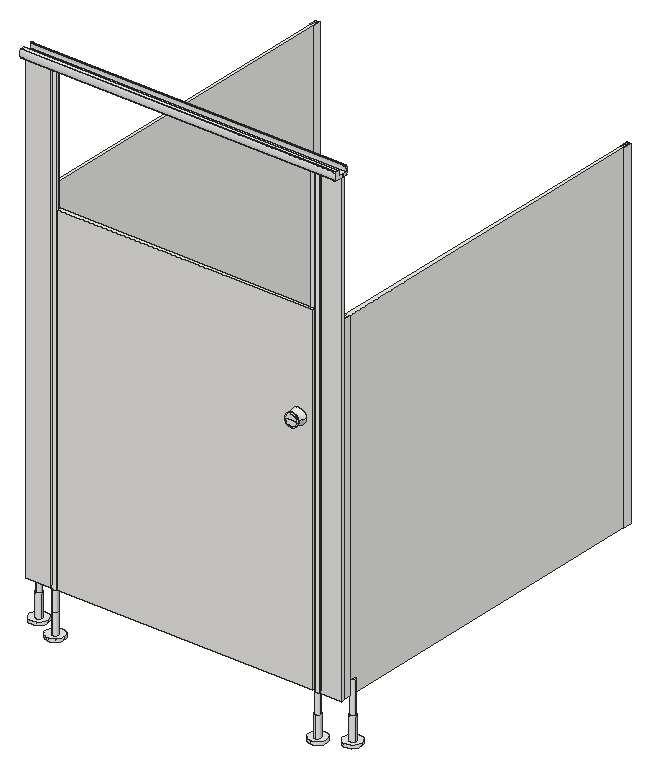
Revit family "Alsanit - Kabiny sanitarne AQUARI PRZEDSZKOLNE - HPL", category Doors, Revit 2020
Family settings
  Work Plane-Based = No
  Always vertical = Yes
  Cut with Voids When Loaded = No
  Shared = No
  Room Calculation Point = No
Parameters (values of type "12mm")
  Width = 0.00 mm  # constant formula
  Type Comments = "Kabiny sanitarne (ścianki giszetowe do WC)"
  Thickness = Grubość ścianki  # 12.00 mm
  Szerokość wewnętrzna modułu (min. 1000) [instance] = 1200.00 mm
  Szerokość wewnętrzna modułu [instance] = [Szerokość wewnętrzna modułu (min. 1000)]  # 1200.00 mm
  Szerokość drzwi (max. 1000 mm) [instance] = 1000.00 mm
  Szczelina obok drzwi prawa [instance] = if([Orientacja - odbij lustrzanie], Szczelina Prawa 1, Szczelina Prawa 2)  # 26.00 mm
  Szczelina obok drzwi lewa [instance] = if([Orientacja - odbij lustrzanie], Szczelina lewa 1, Szczelina lewa 2)  # 23.00 mm
  Rough Width = 0.00 mm  # constant formula
  Rough Height = 0.00 mm  # constant formula
  Podcięcie na geberit - prawe [instance] = no
  Podcięcie na geberit - prawa wartość [instance] = if([Podcięcie na geberit - prawe], [Szerokość wewnętrzna modułu (min. 1000)] / 2 + 50.00 mm, 5.00 mm)  # 5.00 mm
  Podcięcie na geberit - odsunięcie poziome wartość [instance] = if([Podcięcie na geberit - odsunięcie poziome] = 0.00 mm, 5.00 mm, [Podcięcie na geberit - odsunięcie poziome])  # 5.00 mm
  Podcięcie na geberit - odsunięcie poziome [instance] = 0.00 mm
  Podcięcie na geberit - odsunięcie pionowe wartość [instance] = if([Podcięcie na geberit - odsunięcie pionowe] = 0.00 mm, 5.00 mm, [Podcięcie na geberit - odsunięcie pionowe])  # 5.00 mm
  Podcięcie na geberit - odsunięcie pionowe [instance] = 0.00 mm
  Podcięcie na geberit - lewe [instance] = no
  Podcięcie na geberit - lewa wartość [instance] = if([Podcięcie na geberit - lewe], [Szerokość wewnętrzna modułu (min. 1000)] / 2 + 50.00 mm, 5.00 mm)  # 5.00 mm
  Odsunięcie ścianki lewe kontrola [instance] = 91.00 mm  # constant formula
  Odległość nóżki prawa [instance] = Szczelina obok drzwi prawa / 2  # 13.00 mm
  Odległość nóżki lewa [instance] = Szczelina obok drzwi lewa / 2  # 11.50 mm
  Nóżka grubość 2 [instance] = 24.00 mm  # constant formula
  Nózka grubość stopka [instance] = 70.00 mm  # constant formula
  Nożka grubość 1 [instance] = 20.00 mm  # constant formula
  Noga prawa widoczność [instance] = ([Połączenie - prawa strona] = Prawa strona zamknięta typ)  # yes
  Noga lewa widoczność [instance] = [Połączenie - lewa strona] = Lewa strona zamknięta typ  # yes
  Krótki opis = "Kabiny sanitarne ALSANIT posiadające oznaczenie CE zgodnie z parametrami systemu"
  Height = 0.00 mm  # constant formula
  Function = Interior
  Film Instruktażowy = "https://youtu.be/qyrI1CfgFO4"
  Define Thermal Properties by = Schematic Type
  Construction Type = "Kabiny sanitarne"
  Szczelina Prawa 2 = 26.00 mm  # constant formula
  Szczelina Prawa 1 = 23.00 mm  # constant formula
  Analytic Construction = "<None>"
  Akcesoria - wzmocnienie pionowe prawe [instance] = [Odsunięcie prawej ścianki od osi (min. 60 mm)] > 399.00 mm  # no
  Akcesoria - wzmocnienie pionowe lewe [instance] = ([Szerokość wewnętrzna modułu (min. 1000)] - [Szerokość drzwi (max. 1000 mm)] - [Odsunięcie prawej ścianki od osi (min. 60 mm)]) > 400.00 mm  # no
  Wysokość ścianki łączącej [instance] = 1500.00 mm  # constant formula
  Szerokość zewnętrzna modułu [instance] = 1230.00 mm
  Szerokość obliczona [instance] = if(and(Lewa strona przy ścianie, Prawa strona przy ścianie), [Szerokość wewnętrzna modułu (min. 1000)] - 2 * (Grubość ścianki + 7.00 mm), if(or(Lewa strona przy ścianie, Prawa strona przy ścianie), [Szerokość wewnętrzna modułu (min. 1000)] - Grubość ścianki - 7.00 mm, [Szerokość wewnętrzna modułu (min. 1000)]))  # 1200.00 mm
  Wysokość modułu [instance] = 2030.00 mm  # constant formula
  URL = "https://www.alsanit.pl/"
  Rodzaj płyt = "HPL - Wysokociśnieniowy laminat kompaktowy"
  Prawe odsunięcie belki dolnej [instance] = if(Prawa strona przy ścianie, 30.00 mm, 0.00 mm)  # 0.00 mm
  Prawa strona niepołączona [instance] = not(Prawa strona połączona)  # yes
  Model = "AQUARI"
  Manufacturer = "Alsanit"
  Lewe odsunięcie belki dolnej [instance] = if(Lewa strona przy ścianie, 30.00 mm, 0.00 mm)  # 0.00 mm
  Lewa strona niepołączona [instance] = not(Lewa strona połączona)  # yes
  Głębokość modułu (min. 1150mm - max. 1500 mm) [instance] = 1400.00 mm
  Głębokość modułu [instance] = if([Głębokość modułu (min. 1150mm - max. 1500 mm)] > 1500.00 mm, 1600.00 mm, [Głębokość modułu (min. 1150mm - max. 1500 mm)])  # 1400.00 mm
  Description = "Kabiny sanitarne to idealna kombinacja trwałości i estetyki w najnowszej cenie. Ze względu na estetyczność zastosowań jest najchętniej kupowanym systemem kabin sanitarnych w Polsce."
  Autor = "www.archispace.pl"
  Orientacja - na zewnątrz [instance] = not([Orientacja - do wewnątrz])  # yes
  Orientacja - do wewnątrz [instance] = no
  Ścianka łącząca [instance] = not(Prawa strona przy ścianie)  # yes
  Szerokość drzwi [instance] = if([Szerokość drzwi (max. 1000 mm)] > 1000.00 mm, 1000.00 mm, [Szerokość drzwi (max. 1000 mm)])  # 1000.00 mm
  Prawe odsunięcie osi [instance] = if(Prawa strona zamknięta, Grubość ścianki / 2 + 3.00 mm, if(Prawa strona przy ścianie, Grubość ścianki / 2 + 7.00 mm, 0.00 mm))  # 9.00 mm
  Prawa strona zamknięta typ = Rodzaj połączenia : Zamknięta
  Prawa strona zamknięta [instance] = [Połączenie - prawa strona] = Prawa strona zamknięta typ  # yes
  Prawa strona przy ścianie typ = Rodzaj połączenia : Przy ścianie
  Prawa strona przy ścianie [instance] = [Połączenie - prawa strona] = Prawa strona przy ścianie typ  # no
  Prawa strona połączona typ = Rodzaj połączenia : Połączona
  Prawa strona połączona [instance] = [Połączenie - prawa strona] = Prawa strona połączona typ  # no
  Prawe odsunięcie osi panelu [instance] = if(Prawa strona przy ścianie, 10.00 mm, 0.00 mm)  # 0.00 mm
  Odsunięcie prawej ścianki od osi (min. 60 mm) [instance] = 101.00 mm
  Połączenie - prawa strona [instance] = Rodzaj połączenia : Zamknięta
  Orientacja - odbij lustrzanie [instance] = no
  Materiał płyt = Alsanit - HPL - Biały 9016
  Materiał okuć = Alsanit - Aluminium
  Materiał wsporników = Alsanit - Aluminium
  Materiał belek = Alsanit - Aluminium
  Lewe odsunięcie osi panelu [instance] = if(Lewa strona przy ścianie, 10.00 mm, 0.00 mm)  # 0.00 mm
  Lewe odsunięcie osi [instance] = if(Lewa strona zamknięta, Grubość ścianki / 2 + 3.00 mm, if(Lewa strona przy ścianie, Grubość ścianki / 2 + 7.00 mm, 0.00 mm))  # 9.00 mm
  Lewa strona zamknięta typ = Rodzaj połączenia : Zamknięta
  Lewa strona zamknięta [instance] = [Połączenie - lewa strona] = Lewa strona zamknięta typ  # yes
  Lewa strona przy ścianie typ = Rodzaj połączenia : Przy ścianie
  Lewa strona przy ścianie [instance] = [Połączenie - lewa strona] = Lewa strona przy ścianie typ  # no
  Lewa strona połączona typ = Rodzaj połączenia : Połączona
  Lewa strona połączona [instance] = [Połączenie - lewa strona] = Lewa strona połączona typ  # no
  Odsunięcie lewej ścianki od osi (min. 60 mm) [instance] = 111.00 mm
  Połączenie - lewa strona [instance] = Rodzaj połączenia : Zamknięta
  Grubość ścianki = 12.00 mm
  Default Elevation = 0.00 mm
  Orientacja - bez odbicia [instance] = not([Orientacja - odbij lustrzanie])  # yes
  Szczelina lewa 2 = 23.00 mm  # constant formula
  Szczelina lewa 1 = 26.00 mm  # constant formula
Reference planes
  plane 1 "Center (Front/Back)": y = 0
  plane 2: z = 0
  plane 3 "Center (Left/Right)": x = 0
  plane 4: x = -600
  plane 5: x = 600
  plane 6: x = 606
  plane 7: x = 612
  plane 8: x = -606
  plane 9: x = -612
  plane 10: y = -1400
  plane 11: y = -1412
  plane 12: y = -10
  plane 13: y = -1394
  plane 14: y = -1406
  plane 15 "Lewa oś wstawienia": x = -615
  plane 16 "Prawa oś wstawienia": x = 615
  plane 17: y = -1334.5
  plane 18: x = 531
  plane 19: x = 505
  plane 20: x = -495
  plane 21: x = -518
  plane 22 "Prawe odsunięcie osi panelu": x = 615
  plane 23 "Lewe odsunięcie osi panelu": x = -615
  plane 24: x = 5
  plane 25: z = 170
  plane 26 "Wysokość modułu": z = 2030
  plane 27 "Odsunięcie górne ścianek frontowych": z = 2010
  plane 28: y = -1398.5
  plane 29: x = -615
  plane 30: x = 615
  plane 31: z = 100
  plane 32: z = 225.5
  plane 33: z = 2000
  plane 34: z = 170
  plane 35: x = -615
  plane 36: x = 615
  plane 37: z = 170
  plane 38: z = 1500
  plane 39: z = 2000
  plane 40: z = 2000
  plane 41: z = 1500
  plane 42: z = 1500
  plane 43: z = 2000
  plane 44: x = 706
  plane 45: x = -700
  plane 46: z = 1995
  plane 47: z = 1990
  plane 48: z = 2000
  plane 49: z = 2000
  plane 50: z = 2000
  plane 51: z = 2000
  plane 52: x = -706
  plane 53: x = -694
  plane 54: x = 700
  plane 55: x = 712
  plane 56: x = -5
  plane 57: x = 5
  plane 58: z = 5
  plane 59: y = -5
  plane 60: z = 5
  plane 61: y = -5
  plane 62: y = -1355
  plane 63: z = 10
  plane 64: z = 10
Forms (mm)
  Sweep 1, solid, material "Alsanit - HPL - Biały 9016" <- "Materiał płyt", visible <- "Ścianka łącząca"
    path origin (0, 0, 0) x (1, 0, 0) y (0, 0, 1)
      loop
        line (606, 170) -> (606, 1500)
    profile origin (606, 0, 835) x (-1, 0, 0) y (0, -1, 0)
      loop
        line (6, 10) -> (6, 1394) -> (-6, 1394) -> (-6, 10) -> (6, 10)
  Sweep 2, solid, material "Alsanit - HPL - Biały 9016" <- "Materiał płyt", visible <- "Lewa strona zamknięta"
    path origin (0, 0, 0) x (-1, 0, 0) y (0, 0, 1)
      loop
        line (606, 170) -> (606, 1500)
    profile origin (-606, 0, 835) x (-1, 0, 0) y (0, -1, 0)
      loop
        line (-6, 10) -> (6, 10) -> (6, 1394) -> (-6, 1394) -> (-6, 10)
  Sweep 3, solid, material "Alsanit - Aluminium" <- "Materiał belek", visible <- "Ścianka łącząca", detail levels medium+fine
    path origin (0, 0, 0) x (1, 0, 0) y (0, 0, 1)
      loop
        line (606, 1500) -> (606, 170)
    profile "U-profile : U-profile" origin (606, 0, 835) x (1, 0, 0) y (0, -1, 0)
      loop
        line (7.5, 0) -> (7.5, 30) -> (6, 30) -> (6, 1.5) -> (-6, 1.5) -> (-6, 30) -> (-7.5, 30) -> (-7.5, 0) -> (7.5, 0)
  Sweep 4, solid, material "Alsanit - Aluminium" <- "Materiał belek", visible <- "Lewa strona zamknięta", detail levels medium+fine
    path origin (0, 0, 0) x (-1, 0, 0) y (0, 0, 1)
      loop
        line (606, 1500) -> (606, 170)
    profile "U-profile : U-profile" origin (-606, 0, 835) x (1, 0, 0) y (0, -1, 0)
      loop
        line (7.5, 0) -> (7.5, 30) -> (6, 30) -> (6, 1.5) -> (-6, 1.5) -> (-6, 30) -> (-7.5, 30) -> (-7.5, 0) -> (7.5, 0)
  Sweep 5, solid, material "Alsanit - Aluminium" <- "Materiał belek", visible <- "Lewa strona zamknięta", detail levels medium+fine
    path origin (673.537, -1400, 1200) x (1, 0, 0) y (0, 0, 1)
      loop
        line (-1279.537, 300) -> (-1279.537, -1030)
    profile "U-profile : U-profile" origin (-606, -1400, 835) x (1, 0, 0) y (0, -1, 0)
      loop
        line (-7.5, 0) -> (-7.5, -30) -> (-6, -30) -> (-6, -1.5) -> (6, -1.5) -> (6, -30) -> (7.5, -30) -> (7.5, 0) -> (-7.5, 0)
  Sweep 6, solid, material "Alsanit - Aluminium" <- "Materiał belek", visible <- "Ścianka łącząca", detail levels medium+fine
    path origin (673.537, -1400, 1200) x (1, 0, 0) y (0, 0, 1)
      loop
        line (-67.537, 300) -> (-67.537, -1030)
    profile "U-profile : U-profile" origin (606, -1400, 835) x (1, 0, 0) y (0, -1, 0)
      loop
        line (-7.5, 0) -> (-7.5, -30) -> (-6, -30) -> (-6, -1.5) -> (6, -1.5) -> (6, -30) -> (7.5, -30) -> (7.5, 0) -> (-7.5, 0)
  Extrusion 7, solid, material "Alsanit - HPL - Biały 9016" <- "Materiał płyt", detail levels medium+fine
    sketch origin (0, 0, 0) x (1, 0, 0) y (0, 1, 0)
      loop
        line (-615, -1400) -> (-615, -1412) -> (-518, -1412) -> (-518, -1400) -> (-615, -1400)
    from 170 to 2010
  Extrusion 8, solid, material "Alsanit - HPL - Biały 9016" <- "Materiał płyt", detail levels medium+fine
    sketch origin (0, 0, 0) x (-1, 0, 0) y (0, -1, 0)
      loop
        line (-615, 1400) -> (-531, 1400) -> (-531, 1412) -> (-615, 1412) -> (-615, 1400)
    from 170 to 2010
  Sweep 9, solid, material "Alsanit - Aluminium" <- "Materiał belek", visible <- "Lewa strona przy ścianie", detail levels medium+fine
    path origin (-771.956, -1406, 1200) x (-1, 0, 0) y (0, 0, 1)
      loop
        line (-156.956, -1030) -> (-156.956, 800)
    profile "U-profile : U-profile" origin (-615, -1406, 1085) x (1, 0, 0) y (0, 1, 0)
      loop
        line (0, -7.5) -> (30, -7.5) -> (30, -6) -> (1.5, -6) -> (1.5, 6) -> (30, 6) -> (30, 7.5) -> (0, 7.5) -> (0, -7.5)
  Sweep 10, solid, material "Alsanit - Aluminium" <- "Materiał belek", visible <- "Prawa strona przy ścianie", detail levels medium+fine
    path origin (771.956, -1406, 1200) x (1, 0, 0) y (0, 0, -1)
      loop
        line (-156.956, 1030) -> (-156.956, -800)
    profile "U-profile : U-profile" origin (615, -1406, 1085) x (1, 0, 0) y (0, 1, 0)
      loop
        line (0, 7.5) -> (-30, 7.5) -> (-30, 6) -> (-1.5, 6) -> (-1.5, -6) -> (-30, -6) -> (-30, -7.5) -> (0, -7.5) -> (0, 7.5)
  Extrusion 11, solid, material "Alsanit - HPL - Biały 9016" <- "Materiał płyt", detail levels coarse
    sketch origin (0, 0, 0) x (1, 0, 0) y (0, 1, 0)
      loop
        line (-615, -1400) -> (-615, -1412) -> (615, -1412) -> (615, -1400) -> (-615, -1400)
    from 170 to 2030
  Sweep 12, solid, material "Alsanit - Aluminium" <- "Materiał belek", not visible, detail levels medium+fine
    path origin (-998.294, -1524, 2030) x (-1, 0, 0) y (0, -1, 0)
      loop
        line (-392.294, -1524) -> (-392.294, -125.5)
    profile "U-profile : U-profile" origin (-606, -699.25, 2030) x (1, 0, 0) y (0, 0, 1)
      loop
        line (-7.5, 0) -> (-7.5, -30) -> (-6, -30) -> (-6, -1.5) -> (6, -1.5) -> (6, -30) -> (7.5, -30) -> (7.5, 0) -> (-7.5, 0)
  Sweep 13, solid, material "Alsanit - Aluminium" <- "Materiał belek", not visible, detail levels medium+fine
    path origin (-998.294, -1524, 2030) x (-1, 0, 0) y (0, -1, 0)
      loop
        line (-1604.294, -1524) -> (-1604.294, -125.5)
    profile "U-profile : U-profile" origin (606, -699.25, 2030) x (1, 0, 0) y (0, 0, 1)
      loop
        line (-7.5, 0) -> (-7.5, -30) -> (-6, -30) -> (-6, -1.5) -> (6, -1.5) -> (6, -30) -> (7.5, -30) -> (7.5, 0) -> (-7.5, 0)
  Sweep 14, solid, material "Alsanit - Aluminium" <- "Materiał belek", not visible, detail levels medium+fine
    path origin (-771.956, -1406, 4200) x (-1, 0, 0) y (0, 0, 1)
      loop
        line (-156.956, -2170) -> (-1386.956, -2170)
    profile "U-profile : U-profile" origin (0, -1406, 2030) x (0, 0, -1) y (0, 1, 0)
      loop
        line (0, -7.5) -> (30, -7.5) -> (30, -6) -> (1.5, -6) -> (1.5, 6) -> (30, 6) -> (30, 7.5) -> (0, 7.5) -> (0, -7.5)
  Sweep 15, solid, material "Alsanit - Aluminium" <- "Materiał belek", not visible, detail levels medium+fine
    path origin (-771.956, -1406, 1200) x (-1, 0, 0) y (0, 0, 1)
      loop
        line (-156.956, 830) -> (-1386.956, 830)
    profile "U-profile : U-profile" origin (0, -1406, 2030) x (0, 0, -1) y (0, 1, 0)
      loop
        line (0, -7.5) -> (30, -7.5) -> (30, -6) -> (1.5, -6) -> (1.5, 6) -> (30, 6) -> (30, 7.5) -> (0, 7.5) -> (0, -7.5)
  Sweep 16, solid, material "Alsanit - HPL - Biały 9016" <- "Materiał płyt", visible <- "Akcesoria - wzmocnienie pionowe prawe", detail levels medium+fine
    path origin (-771.956, -1406, 1200) x (-1, 0, 0) y (0, 0, 1)
      loop
        line (-1477.956, -1030) -> (-1477.956, 800)
    profile origin (706, -1406, 1085) x (1, 0, 0) y (0, 1, 0)
      loop
        line (-6, 12) -> (6, 12) -> (6, 107) -> (-6, 107) -> (-6, 12)
  Sweep 17, solid, material "Alsanit - Aluminium" <- "Materiał belek", visible <- "Akcesoria - wzmocnienie pionowe prawe", detail levels medium+fine
    path origin (673.537, -1400, 1200) x (1, 0, 0) y (0, 0, 1)
      loop
        line (32.463, -1030) -> (32.463, 800)
    profile "U-profile : U-profile" origin (706, -1400, 1085) x (-1, 0, 0) y (0, -1, 0)
      loop
        line (-7.5, 0) -> (-7.5, -30) -> (-6, -30) -> (-6, -1.5) -> (6, -1.5) -> (6, -30) -> (7.5, -30) -> (7.5, 0) -> (-7.5, 0)
  Sweep 18, solid, material "Alsanit - HPL - Biały 9016" <- "Materiał płyt", visible <- "Akcesoria - wzmocnienie pionowe lewe", detail levels medium+fine
    path origin (1162.956, -1406, 1200) x (1, 0, 0) y (0, 0, -1)
      loop
        line (-1862.956, 1030) -> (-1862.956, -800)
    profile origin (-700, -1406, 1085) x (1, 0, 0) y (0, 1, 0)
      loop
        line (6, 12) -> (6, 107) -> (-6, 107) -> (-6, 12) -> (6, 12)
  Sweep 19, solid, material "Alsanit - Aluminium" <- "Materiał belek", visible <- "Akcesoria - wzmocnienie pionowe lewe", detail levels medium+fine
    path origin (673.537, -1400, 1200) x (1, 0, 0) y (0, 0, 1)
      loop
        line (-1373.537, -1030) -> (-1373.537, 800)
    profile "U-profile : U-profile" origin (-700, -1400, 1085) x (-1, 0, 0) y (0, -1, 0)
      loop
        line (7.5, 0) -> (-7.5, 0) -> (-7.5, -30) -> (-6, -30) -> (-6, -1.5) -> (6, -1.5) -> (6, -30) -> (7.5, -30) -> (7.5, 0)
  Sweep 20, solid, material "Alsanit - Aluminium" <- "Materiał belek", detail levels medium+fine
    path origin (0, -160, 0) x (1, 0, 0) y (0, 1, 0)
      loop
        line (-615, -1246) -> (615, -1246)
    profile origin (0, -1406, 0) x (0, 1, 0) y (0, 0, 1)
      loop
        line (-6, 2000) -> (-6, 2010.006) -> (6, 2010.006) -> (6, 2000) -> (15.963, 2000)
        arc (15.963, 2000) -> (17.499, 2000.719) -> (17.931, 2002.359) r 2
        arc (17.931, 2002.359) -> (19.736, 2018.575) -> (16.301, 2034.525) r 50.748
        arc (16.301, 2034.525) -> (15.681, 2034.905) -> (14.965, 2035.037) r 2
        line (14.965, 2035.037) -> (14.002, 2035.037) -> (14.002, 2033.637) -> (15.303, 2033.637)
        arc (15.303, 2033.637) -> (18.053, 2022.994) -> (18.387, 2012.006) r 49.497
        line (18.387, 2012.006) -> (-19.028, 2012.006) -> (-19.028, 2032.006) -> (-31.863, 2032.006)
        arc (-31.863, 2032.006) -> (-33.103, 2031.576) -> (-33.809, 2030.469) r 2
        arc (-33.809, 2030.469) -> (-35.902, 2016.003) -> (-33.807, 2001.537) r 51.012
        arc (-33.807, 2001.537) -> (-33.101, 2000.431) -> (-31.861, 2000) r 2
        line (-31.861, 2000) -> (-6, 2000)
  Sweep 21, solid, material "Alsanit - HPL - Biały 9016" <- "Materiał płyt", not visible
    path origin (0, 0, 0) x (1, 0, 0) y (0, 1, 0)
      loop
        line (-495, -1406) -> (505, -1406)
    profile origin (5, -1406, 0) x (0, 1, 0) y (0, 0, 1)
      loop
        line (6, 2010) -> (-6, 2010) -> (-6, 1995) -> (6, 1995) -> (6, 2010)
  Sweep 22, void
    path origin (0, 0, 0) x (1, 0, 0) y (0, 1, 0)
      loop
        line (0, 0) -> (-5, 0)
    profile origin (-2.5, 0, 0) x (0, -1, 0) y (0, 0, 1)
      loop
        line (0, 5) -> (0, 0) -> (5, 0) -> (5, 5) -> (0, 5)
  Sweep 23, void
    path origin (0, 0, 0) x (-1, 0, 0) y (0, -1, 0)
      loop
        line (0, 0) -> (-5, 0)
    profile origin (2.5, 0, 0) x (0, 1, 0) y (0, 0, 1)
      loop
        line (0, 5) -> (-5, 5) -> (-5, 0) -> (0, 0) -> (0, 5)
  Sweep 24, solid, material "Alsanit - Aluminium" <- "Materiał wsporników", visible <- "Lewa strona zamknięta"
    path origin (-771.956, -1406, 1200) x (-1, 0, 0) y (0, 0, 1)
      loop
        line (-165.956, -974.5) -> (-165.956, -1100)
    profile origin (-606, -1406, 162.75) x (0, 1, 0) y (-1, 0, 0)
      loop
        circle (51, 5) r 10
  Sweep 25, solid, material "Alsanit - Aluminium" <- "Materiał wsporników", visible <- "Lewa strona zamknięta"
    path origin (-771.956, -1405, 1200) x (-1, 0, 0) y (0, 0, 1)
      loop
        line (-165.956, -1190) -> (-165.956, -1100)
    profile origin (-606, -1405, 55) x (1, 0, 0) y (0, 1, 0)
      loop
        circle (-5, 50) r 12
  Sweep 26, solid, material "Alsanit - Aluminium" <- "Materiał wsporników", visible <- "Lewa strona zamknięta"
    path origin (-771.956, -1406, 1200) x (-1, 0, 0) y (0, 0, 1)
      loop
        line (-165.956, -1200) -> (-165.956, -1190)
    profile origin (-606, -1406, 5) x (1, 0, 0) y (0, 1, 0)
      loop
        circle (-5, 51) r 35
  Sweep 27, solid, material "Alsanit - Aluminium" <- "Materiał wsporników", visible <- "Prawa strona zamknięta"
    path origin (-771.956, -1406, 1200) x (-1, 0, 0) y (0, 0, 1)
      loop
        line (-1377.956, -1100) -> (-1377.956, -974.5)
    profile origin (606, -1406, 162.75) x (1, 0, 0) y (0, 1, 0)
      loop
        circle (8, 51) r 10
  Sweep 28, solid, material "Alsanit - Aluminium" <- "Materiał wsporników", visible <- "Prawa strona zamknięta"
    path origin (-771.956, -1406, 1200) x (-1, 0, 0) y (0, 0, 1)
      loop
        line (-1377.956, -1190) -> (-1377.956, -1100)
    profile origin (606, -1406, 55) x (1, 0, 0) y (0, 1, 0)
      loop
        circle (8, 51) r 12
  Sweep 29, solid, material "Alsanit - Aluminium" <- "Materiał wsporników", visible <- "Prawa strona zamknięta"
    path origin (-771.956, -1406, 1200) x (-1, 0, 0) y (0, 0, 1)
      loop
        line (-1377.956, -1200) -> (-1377.956, -1190)
    profile origin (606, -1406, 5) x (1, 0, 0) y (0, 1, 0)
      loop
        circle (8, 51) r 35
  Sweep 30, solid, material "Alsanit - Aluminium" <- "Materiał wsporników", visible <- "Akcesoria - wzmocnienie pionowe prawe"
    path origin (-771.956, -1406, 1200) x (-1, 0, 0) y (0, 0, 1)
      loop
        line (-1477.956, -1100) -> (-1477.956, -1030)
    profile origin (706, -1406, 135) x (1, 0, 0) y (0, 1, 0)
      loop
        circle (0, 51) r 10
  Sweep 31, solid, material "Alsanit - Aluminium" <- "Materiał wsporników", visible <- "Akcesoria - wzmocnienie pionowe prawe"
    path origin (-771.956, -1406, 1200) x (-1, 0, 0) y (0, 0, 1)
      loop
        line (-1477.956, -1100) -> (-1477.956, -1190)
    profile origin (706, -1406, 55) x (0, 1, 0) y (-1, 0, 0)
      loop
        circle (51, 0) r 12
  Sweep 32, solid, material "Alsanit - Aluminium" <- "Materiał wsporników", visible <- "Akcesoria - wzmocnienie pionowe prawe"
    path origin (-771.956, -1406, 1200) x (-1, 0, 0) y (0, 0, 1)
      loop
        line (-1477.956, -1200) -> (-1477.956, -1190)
    profile origin (706, -1406, 5) x (1, 0, 0) y (0, 1, 0)
      loop
        circle (0, 51) r 35
  Sweep 33, solid, material "Alsanit - Aluminium" <- "Materiał wsporników", visible <- "Akcesoria - wzmocnienie pionowe lewe"
    path origin (-771.956, -1406, 1200) x (-1, 0, 0) y (0, 0, 1)
      loop
        line (-71.956, -1100) -> (-71.956, -1030)
    profile origin (-700, -1406, 135) x (1, 0, 0) y (0, 1, 0)
      loop
        circle (0, 51) r 10
  Sweep 34, solid, material "Alsanit - Aluminium" <- "Materiał wsporników", visible <- "Akcesoria - wzmocnienie pionowe lewe"
    path origin (-771.956, -1406, 1200) x (-1, 0, 0) y (0, 0, 1)
      loop
        line (-71.956, -1190) -> (-71.956, -1100)
    profile origin (-700, -1406, 55) x (1, 0, 0) y (0, 1, 0)
      loop
        circle (0, 51) r 12
  Sweep 35, solid, material "Alsanit - Aluminium" <- "Materiał wsporników", visible <- "Akcesoria - wzmocnienie pionowe lewe"
    path origin (-771.956, -1406, 1200) x (-1, 0, 0) y (0, 0, 1)
      loop
        line (-71.956, -1200) -> (-71.956, -1190)
    profile origin (-700, -1406, 5) x (1, 0, 0) y (0, 1, 0)
      loop
        circle (0, 51) r 35
Cuts and joins
  Sweep 22 cuts Sweep 4
  Sweep 22 cuts Sweep 2
  Sweep 23 cuts Sweep 1
  Sweep 23 cuts Sweep 3
  joined: Sweep 24, Sweep 25, Sweep 26
  joined: Sweep 27, Sweep 28, Sweep 29
  joined: Sweep 30, Sweep 31, Sweep 32
  joined: Sweep 33, Sweep 34, Sweep 35
Lines and regions (mm)
  model lines, style "Doors", detail levels medium+fine
    curve 1: line (531, -1412, 2010) -> (531, -1412, 170)
    curve 3: line (615, -1412, 2010) -> (531, -1412, 2010)
    curve 6: line (-518, -1412, 170) -> (-518, -1412, 2010)
    curve 7: line (-518, -1412, 2010) -> (-615, -1412, 2010)
    curve 10: line (-518, -1400, 170) -> (-518, -1412, 170)
    curve 11: line (531, -1400, 170) -> (531, -1412, 170)
    curve 14: line (-518, -1400, 2010) -> (-518, -1412, 2010)
    curve 15: line (531, -1400, 2010) -> (531, -1412, 2010)
    curve 17: line (531, -1400, 2010) -> (531, -1400, 170)
    curve 19: line (615, -1400, 2010) -> (531, -1400, 2010)
    curve 20: line (531, -1400, 170) -> (615, -1400, 170)
    curve 22: line (-518, -1400, 170) -> (-518, -1400, 2010)
    curve 23: line (-518, -1400, 2010) -> (-615, -1400, 2010)
    curve 24: line (-615, -1400, 170) -> (-518, -1400, 170)
  model lines, style "Doors", visible <- "Prawa strona niepołączona", detail levels medium+fine
    curve 2: line (615, -1412, 170) -> (615, -1412, 2010)
    curve 12: line (615, -1400, 170) -> (615, -1412, 170)
    curve 16: line (615, -1400, 2010) -> (615, -1412, 2010)
    curve 18: line (615, -1400, 170) -> (615, -1400, 2010)
  model lines, style "Doors"
    curve 4: line (531, -1412, 170) -> (615, -1412, 170)
    curve 8: line (-615, -1412, 170) -> (-518, -1412, 170)
  model lines, style "Doors", visible <- "Lewa strona niepołączona", detail levels medium+fine
    curve 5: line (-615, -1412, 2010) -> (-615, -1412, 170)
    curve 9: line (-615, -1400, 170) -> (-615, -1412, 170)
    curve 13: line (-615, -1400, 2010) -> (-615, -1412, 2010)
    curve 21: line (-615, -1400, 2010) -> (-615, -1400, 170)
Dimensions and locks
  equal spacing: plane 5, plane 6, plane 7
  "Grubość ścianki": plane 5 to plane 7
  equal spacing: plane 9, plane 8, plane 4
  "Grubość ścianki": plane 9 to plane 4
  "Głębokość modułu": plane 10 to plane 1 "Center (Front/Back)"
  "Grubość ścianki": plane 11 to plane 10
  locked: plane 12 to plane 1 "Center (Front/Back)" at 10
  locked: plane 10 to plane 13 at 6
  equal spacing: plane 10, plane 14, plane 11
  equal spacing: plane 4, plane 3 "Center (Left/Right)", plane 5
  "Szerokość obliczona": plane 4 to plane 5
  "Lewe odsunięcie osi": plane 15 "Lewa oś wstawienia" to plane 8
  "Prawe odsunięcie osi": plane 6 to plane 16 "Prawa oś wstawienia"
  locked: plane 10 to plane 17 at 65.5
  "Szerokość drzwi": plane 20 to plane 19
  equal spacing: plane 20, plane 24, plane 19
  "Wysokość modułu": plane 26 "Wysokość modułu" to plane 2
  locked: plane 10 to plane 28 at 1.5
  plane 25 to level = 170.00 mm
  locked: plane 31 to plane 2 at 100
  plane 15 "Lewa oś wstawienia" to plane 29 = 0.00 mm
  plane 30 to plane 16 "Prawa oś wstawienia" = 0.00 mm
  locked: plane 32 to plane 25 at 55.5
  locked: plane 26 "Wysokość modułu" to plane 33 at 30
  "Lewe odsunięcie osi panelu": plane 15 "Lewa oś wstawienia" to plane 23 "Lewe odsunięcie osi panelu"
  "Prawe odsunięcie osi panelu": plane 22 "Prawe odsunięcie osi panelu" to plane 16 "Prawa oś wstawienia"
  plane 34 to plane 25 = 0.00 mm
  "Lewe odsunięcie belki dolnej": plane 15 "Lewa oś wstawienia" to plane 35
  "Prawe odsunięcie belki dolnej": plane 36 to plane 16 "Prawa oś wstawienia"
  plane 37 to plane 2 = 170.00 mm
  "Wysokość ścianki łączącej": plane 38 to level
  plane 26 "Wysokość modułu" to plane 39 = 30.00 mm
  plane 26 "Wysokość modułu" to plane 40 = 30.00 mm
  plane 26 "Wysokość modułu" to plane 27 "Odsunięcie górne ścianek frontowych" = 20.00 mm
  plane 38 to plane 41 = 0.00 mm
  plane 38 to plane 42 = 0.00 mm
  plane 26 "Wysokość modułu" to plane 43 = 30.00 mm
  "Szerokość zewnętrzna modułu": plane 15 "Lewa oś wstawienia" to plane 16 "Prawa oś wstawienia"
  plane 47 to level = 1990.00 mm
  locked: plane 46 to plane 47 at 5
  locked: plane 48 to plane 2 at 2000
  locked: plane 50 to level at 2000
  locked: plane 51 to level at 2000
  equal spacing: plane 52, plane 45, plane 53
  "Grubość ścianki": plane 52 to plane 53
  equal spacing: plane 54, plane 44, plane 55
  "Grubość ścianki": plane 54 to plane 55
  "Podcięcie na geberit - lewa wartość": plane 56 to plane 3 "Center (Left/Right)"
  "Podcięcie na geberit - prawa wartość": plane 3 "Center (Left/Right)" to plane 57
  "Podcięcie na geberit - odsunięcie poziome wartość": plane 1 "Center (Front/Back)" to plane 59
  "Podcięcie na geberit - odsunięcie pionowe wartość": plane 58 to level
  "Podcięcie na geberit - odsunięcie pionowe wartość": plane 60 to level
  "Podcięcie na geberit - odsunięcie poziome wartość": plane 1 "Center (Front/Back)" to plane 61
  locked: plane 10 to plane 62 at 45
  equal spacing: Sweep 24 sketch curve, plane 62, Sweep 24 sketch curve
  Sweep 24 sketch curve to plane 4 = 1.00 mm
  equal spacing: Sweep 25 sketch curve, plane 62, Sweep 25 sketch curve
  plane 4 to Sweep 25 sketch curve = 1.00 mm
  equal spacing: Sweep 26 sketch curve, plane 62, Sweep 26 sketch curve
  Sweep 12 to Sweep 26 sketch curve = 22.50 mm
  equal spacing: Sweep 27 sketch curve, plane 62, Sweep 27 sketch curve
  locked: plane 6 to Sweep 27 sketch curve at 18
  equal spacing: Sweep 28 sketch curve, plane 62, Sweep 28 sketch curve
  locked: plane 6 to Sweep 28 sketch curve at 20
  equal spacing: Sweep 29 sketch curve, plane 62, Sweep 29 sketch curve
  locked: plane 6 to Sweep 29 sketch curve at 43
  "Szczelina obok drzwi lewa": plane 21 to plane 20
  "Szczelina obok drzwi prawa": plane 19 to plane 18
  "Odsunięcie prawej ścianki od osi (min. 60 mm)": plane 19 to plane 6
  plane 20 to plane 8 = 111.00 mm
  locked: plane 19 to plane 44 at 201
  locked: plane 45 to plane 20 at 205
  "Odsunięcie lewej ścianki od osi (min. 60 mm)": plane 8 to plane 20
  equal spacing: Sweep 30 sketch curve, plane 44, Sweep 30 sketch curve
  equal spacing: Sweep 30 sketch curve, plane 62, Sweep 30 sketch curve
  equal spacing: Sweep 31 sketch curve, plane 44, Sweep 31 sketch curve
  equal spacing: Sweep 31 sketch curve, plane 62, Sweep 31 sketch curve
  equal spacing: Sweep 32 sketch curve, plane 62, Sweep 32 sketch curve
  equal spacing: Sweep 32 sketch curve, plane 44, Sweep 32 sketch curve
  equal spacing: Sweep 33 sketch curve, plane 62, Sweep 33 sketch curve
  equal spacing: Sweep 33 sketch curve, plane 45, Sweep 33 sketch curve
  equal spacing: Sweep 34 sketch curve, plane 62, Sweep 34 sketch curve
  equal spacing: Sweep 34 sketch curve, plane 45, Sweep 34 sketch curve
  equal spacing: Sweep 35 sketch curve, plane 45, Sweep 35 sketch curve
  equal spacing: Sweep 35 sketch curve, plane 62, Sweep 35 sketch curve
  "Nożka grubość 1": diameter of Sweep 24 sketch curve
  "Nóżka grubość 2": diameter of Sweep 25 sketch curve
  "Nózka grubość stopka": diameter of Sweep 26 sketch curve
  "Nożka grubość 1": diameter of Sweep 30 sketch curve
  "Nóżka grubość 2": diameter of Sweep 31 sketch curve
  "Nózka grubość stopka": diameter of Sweep 32 sketch curve
  "Nożka grubość 1": diameter of Sweep 33 sketch curve
  "Nóżka grubość 2": diameter of Sweep 34 sketch curve
  "Nózka grubość stopka": diameter of Sweep 35 sketch curve
  aligned and locked: level to plane 2
  aligned and locked: plane 5 to Sweep 1 sketch curve
  aligned and locked: Sweep 1 sketch curve to plane 7
  aligned and locked: Sweep 1 sketch curve to plane 13
  aligned and locked: plane 12 to Sweep 1 sketch curve
  aligned and locked: Sweep 2 sketch curve to plane 12
  aligned and locked: plane 9 to Sweep 2 sketch curve
  aligned and locked: plane 4 to Sweep 2 sketch curve
  aligned and locked: plane 13 to Sweep 2 sketch curve
  aligned and locked: plane 6 to Sweep 3 sketch curve
  aligned and locked: Sweep 4 sketch curve to plane 8
  aligned and locked: Sweep 1 sketch curve to plane 6
  aligned and locked: plane 8 to Sweep 2 sketch curve
  aligned and locked: Extrusion 7 sketch curve to plane 21
  aligned and locked: plane 11 to Extrusion 7 sketch curve
  aligned and locked: plane 10 to Extrusion 7 sketch curve
  aligned and locked: Extrusion 7 sketch curve to plane 23 "Lewe odsunięcie osi panelu"
  aligned and locked: Extrusion 8 sketch curve to plane 11
  aligned and locked: Extrusion 8 sketch curve to plane 10
  aligned and locked: plane 22 "Prawe odsunięcie osi panelu" to Extrusion 8 sketch curve
  aligned and locked: plane 10 to nested 1
  aligned and locked: nested 2 to nested 1
  aligned and locked: nested 2 to plane 10
  aligned and locked: nested 2 to level
  aligned and locked: level to nested 1
  aligned and locked: plane 10 to Extrusion 11 sketch curve
  aligned and locked: plane 11 to Extrusion 11 sketch curve
  aligned and locked: plane 15 "Lewa oś wstawienia" to Extrusion 11 sketch curve
  aligned and locked: Extrusion 11 sketch curve to plane 16 "Prawa oś wstawienia"
  aligned and locked: Extrusion 7 to plane 25
  aligned and locked: Extrusion 8 to plane 25
  aligned and locked: curve 4 to plane 25
  aligned and locked: plane 25 to curve 2
  aligned and locked: plane 22 "Prawe odsunięcie osi panelu" to curve 2
  aligned and locked: plane 22 "Prawe odsunięcie osi panelu" to curve 3
  aligned and locked: curve 8 to plane 25
  aligned and locked: plane 23 "Lewe odsunięcie osi panelu" to curve 5
  aligned and locked: plane 21 to curve 6
  aligned and locked: plane 11 to curve 9
  aligned and locked: plane 10 to curve 9
  aligned and locked: curve 10 to plane 21
  aligned and locked: plane 11 to curve 10
  aligned and locked: plane 10 to curve 10
  aligned and locked: curve 11 to plane 18
  aligned and locked: plane 10 to curve 11
  aligned and locked: plane 11 to curve 11
  aligned and locked: plane 10 to curve 12
  aligned and locked: plane 11 to curve 12
  aligned and locked: curve 12 to plane 22 "Prawe odsunięcie osi panelu"
  aligned and locked: plane 10 to curve 13
  aligned and locked: plane 11 to curve 13
  aligned and locked: plane 11 to curve 14
  aligned and locked: plane 10 to curve 14
  aligned and locked: curve 14 to plane 21
  aligned and locked: plane 11 to curve 15
  aligned and locked: plane 10 to curve 15
  aligned and locked: curve 15 to plane 18
  aligned and locked: plane 10 to curve 16
  aligned and locked: plane 11 to curve 16
  aligned and locked: curve 16 to plane 22 "Prawe odsunięcie osi panelu"
  aligned and locked: plane 23 "Lewe odsunięcie osi panelu" to curve 13
  aligned and locked: plane 23 "Lewe odsunięcie osi panelu" to curve 9
  aligned and locked: Extrusion 11 to plane 26 "Wysokość modułu"
  aligned and locked: plane 16 "Prawa oś wstawienia" to Sweep 10 sketch curve
  aligned and locked: plane 15 "Lewa oś wstawienia" to Sweep 9 sketch curve
  aligned and locked: plane 6 to Sweep 6 sketch curve
  aligned and locked: Extrusion 7 to plane 27 "Odsunięcie górne ścianek frontowych"
  aligned and locked: Extrusion 8 to plane 27 "Odsunięcie górne ścianek frontowych"
  aligned and locked: curve 23 to plane 27 "Odsunięcie górne ścianek frontowych"
  aligned and locked: curve 7 to plane 27 "Odsunięcie górne ścianek frontowych"
  aligned and locked: curve 3 to plane 27 "Odsunięcie górne ścianek frontowych"
  aligned and locked: curve 19 to plane 27 "Odsunięcie górne ścianek frontowych"
  aligned and locked: plane 25 to Sweep 1 sketch curve
  aligned and locked: plane 25 to Sweep 2 sketch curve
  aligned and locked: plane 1 "Center (Front/Back)" to Sweep 12 sketch curve
  aligned and locked: Sweep 12 sketch curve to plane 8
  aligned and locked: plane 6 to Sweep 13 sketch curve
  aligned and locked: plane 1 "Center (Front/Back)" to Sweep 13 sketch curve
  aligned and locked: Sweep 14 sketch curve to plane 26 "Wysokość modułu"
  aligned and locked: plane 15 "Lewa oś wstawienia" to Sweep 14 sketch curve
  aligned and locked: plane 16 "Prawa oś wstawienia" to Sweep 14 sketch curve
  aligned and locked: Sweep 12 sketch curve to plane 28
  aligned and locked: plane 28 to Sweep 13 sketch curve
  aligned and locked: Extrusion 11 to plane 25
  aligned and locked: Sweep 15 sketch curve to plane 26 "Wysokość modułu"
  aligned and locked: plane 16 "Prawa oś wstawienia" to Sweep 15 sketch curve
  aligned and locked: plane 15 "Lewa oś wstawienia" to Sweep 15 sketch curve
  aligned and locked: plane 23 "Lewe odsunięcie osi panelu" to curve 21
  aligned and locked: plane 22 "Prawe odsunięcie osi panelu" to curve 18
  aligned and locked: plane 34 to Sweep 5 sketch curve
  aligned and locked: plane 34 to Sweep 4 sketch curve
  aligned and locked: plane 34 to Sweep 3 sketch curve
  aligned and locked: plane 34 to Sweep 6 sketch curve
  aligned and locked: plane 37 to Sweep 9 sketch curve
  aligned and locked: Sweep 10 sketch curve to plane 37
  aligned and locked: plane 38 to Sweep 1 sketch curve
  aligned and locked: plane 39 to Sweep 9 sketch curve
  aligned and locked: plane 41 to Sweep 6 sketch curve
  aligned and locked: Sweep 3 sketch curve to plane 42
  aligned and locked: plane 43 to Sweep 10 sketch curve
  aligned and locked: Sweep 16 sketch curve to plane 44
  aligned and locked: plane 45 to Sweep 18 sketch curve
  aligned and locked: plane 45 to Sweep 19 sketch curve
  aligned and locked: plane 16 "Prawa oś wstawienia" to Sweep 20 sketch curve
  aligned and locked: plane 15 "Lewa oś wstawienia" to Sweep 20 sketch curve
  aligned and locked: Sweep 20 sketch curve to plane 14
  aligned and locked: plane 20 to Sweep 21 sketch curve
  aligned and locked: plane 19 to Sweep 21 sketch curve
  aligned and locked: Sweep 21 sketch curve to plane 14
  aligned and locked: Sweep 21 sketch curve to curve 13
  aligned and locked: plane 11 to Sweep 21 sketch curve
  aligned and locked: plane 10 to Sweep 21 sketch curve
  aligned and locked: plane 46 to Sweep 21 sketch curve
  aligned and locked: plane 48 to Sweep 19 sketch curve
  aligned and locked: plane 50 to Sweep 17 sketch curve
  aligned and locked: plane 51 to Sweep 16 sketch curve
  aligned and locked: Sweep 18 sketch curve to plane 13
  aligned and locked: plane 13 to Sweep 16 sketch curve
  aligned and locked: plane 56 to Sweep 22 sketch curve
  aligned and locked: plane 3 "Center (Left/Right)" to Sweep 22 sketch curve
  aligned and locked: Sweep 22 sketch curve to plane 1 "Center (Front/Back)"
  aligned and locked: Sweep 22 sketch curve to plane 58
  aligned and locked: Sweep 22 sketch curve to plane 59
  aligned and locked: level to Sweep 22 sketch curve
  aligned and locked: plane 1 "Center (Front/Back)" to Sweep 22 sketch curve
  aligned and locked: Sweep 23 sketch curve to plane 60
  aligned and locked: plane 61 to Sweep 23 sketch curve
  aligned and locked: plane 3 "Center (Left/Right)" to Sweep 23 sketch curve
  aligned and locked: plane 57 to Sweep 23 sketch curve
  aligned and locked: plane 1 "Center (Front/Back)" to Sweep 23 sketch curve  (x2)
  aligned and locked: level to Sweep 23 sketch curve
  aligned and locked: plane 32 to Sweep 24 sketch curve
  aligned and locked: plane 31 to Sweep 24 sketch curve
  aligned and locked: plane 31 to Sweep 25 sketch curve
  aligned and locked: plane 63 to Sweep 25 sketch curve
  aligned and locked: plane 64 to Sweep 26 sketch curve
  aligned and locked: level to Sweep 26 sketch curve
  aligned and locked: plane 32 to Sweep 27 sketch curve
  aligned and locked: plane 31 to Sweep 27 sketch curve
  aligned and locked: plane 31 to Sweep 28 sketch curve
  aligned and locked: plane 64 to Sweep 28 sketch curve
  aligned and locked: plane 64 to Sweep 29 sketch curve
  aligned and locked: level to Sweep 29 sketch curve
  aligned and locked: plane 37 to Sweep 18 sketch curve
  aligned and locked: plane 38 to Sweep 2 sketch curve
  aligned and locked: plane 38 to Sweep 4 sketch curve
  aligned and locked: plane 38 to Sweep 5 sketch curve
  aligned and locked: plane 49 to Sweep 18 sketch curve
  aligned and locked: Sweep 20 sketch curve to nested 1
  aligned and locked: nested 1 to Sweep 20 sketch curve
  aligned and locked: Extrusion 8 to plane 18
  aligned and locked: curve 1 to plane 18
  aligned and locked: curve 17 to plane 18
  aligned and locked: nested 1 to plane 24
  aligned and locked: Sweep 30 sketch curve to plane 34
  aligned and locked: plane 31 to Sweep 30 sketch curve
  aligned and locked: Sweep 30 sketch curve to plane 44
  aligned and locked: plane 31 to Sweep 31 sketch curve
  aligned and locked: plane 64 to Sweep 31 sketch curve
  aligned and locked: plane 44 to Sweep 31 sketch curve
  aligned and locked: plane 64 to Sweep 32 sketch curve
  aligned and locked: level to Sweep 32 sketch curve
  aligned and locked: Sweep 32 sketch curve to plane 44
  aligned and locked: plane 37 to Sweep 33 sketch curve
  aligned and locked: plane 31 to Sweep 33 sketch curve
  aligned and locked: plane 45 to Sweep 33 sketch curve
  aligned and locked: plane 31 to Sweep 34 sketch curve
  aligned and locked: plane 64 to Sweep 34 sketch curve
  aligned and locked: plane 45 to Sweep 34 sketch curve
  aligned and locked: level to Sweep 35 sketch curve
  aligned and locked: plane 64 to Sweep 35 sketch curve
  aligned and locked: plane 45 to Sweep 35 sketch curve
Automatic sketch dimensions
  curve 22 to plane 21 = 0.00 mm
  curve 24 to plane 25 = 0.00 mm
  curve 17 to plane 25 = 0.00 mm
  Sweep 5 sketch curve to plane 8 = 0.00 mm
  Sweep 16 sketch curve to plane 25 = 0.00 mm
  plane 44 to Sweep 17 sketch curve = 0.00 mm
  Sweep 17 sketch curve to plane 25 = 0.00 mm
  Sweep 19 sketch curve to plane 25 = 0.00 mm
  Sweep 20 sketch curve to Sweep 20 sketch curve = 0.00 mm  (x3)
  profile plane to Sweep 20 sketch curve = 19.028 mm
  Sweep 20 sketch curve to Sweep 20 sketch curve = 11.92 mm
  Sweep 20 sketch curve to Sweep 20 sketch curve = 0.914 mm
  Sweep 20 sketch curve to Sweep 20 sketch curve = 12.835 mm
  Sweep 20 sketch curve to profile plane = 14.002 mm
  Sweep 20 sketch curve to Sweep 20 sketch curve = 9.11 mm
  Sweep 20 sketch curve to Sweep 20 sketch curve = 9.963 mm
  Sweep 20 sketch curve to Sweep 20 sketch curve = 0.963 mm
  Sweep 20 sketch curve to Sweep 20 sketch curve = 0.337 mm
  Sweep 20 sketch curve to Sweep 20 sketch curve = 3.278 mm
  plane 2 to Sweep 20 sketch curve = 2000.00 mm
  Sweep 20 sketch curve to Sweep 20 sketch curve = 2.00 mm  (x4)
  Sweep 20 sketch curve to Sweep 20 sketch curve = 8.006 mm
  Sweep 20 sketch curve to Sweep 20 sketch curve = 4.00 mm  (x2)
  Sweep 20 sketch curve to Sweep 20 sketch curve = 0.60 mm
  Sweep 20 sketch curve to Sweep 20 sketch curve = 14.00 mm
  Sweep 20 sketch curve to Sweep 20 sketch curve = 1.40 mm
  Sweep 20 sketch curve to Sweep 20 sketch curve = 1.946 mm
  Sweep 20 sketch curve to Sweep 20 sketch curve = 0.998 mm
  Sweep 24 sketch curve to plane 8 = 0.00 mm
  Sweep 25 sketch curve to plane 8 = 0.00 mm
  Sweep 26 sketch curve to plane 8 = 0.00 mm
  plane 6 to Sweep 27 sketch curve = 0.00 mm
  Sweep 27 sketch curve to profile plane = 8.00 mm
  plane 6 to Sweep 28 sketch curve = 0.00 mm
  Sweep 28 sketch curve to profile plane = 8.00 mm
  plane 6 to Sweep 29 sketch curve = 0.00 mm
  Sweep 29 sketch curve to profile plane = 8.00 mm
  Extrusion 8 sketch curve to plane 18 = 0.00 mm
  Sweep 16 sketch curve to plane 54 = 0.00 mm
  Sweep 16 sketch curve to plane 55 = 0.00 mm
  Sweep 16 sketch curve to Sweep 16 sketch curve = 95.00 mm
  Sweep 18 sketch curve to plane 52 = 0.00 mm
  Sweep 18 sketch curve to plane 53 = 0.00 mm
  Sweep 18 sketch curve to Sweep 18 sketch curve = 95.00 mm
Nested families
  nested 1: "front" at (5, -1400, 0), visible <- "Orientacja - bez odbicia", Szerokość drzwi <- "Szerokość drzwi", Grubość ścianki <- "Grubość ścianki", type "front"
    with Zawias prawy szczelina 26.00 mm, Zawias lewy szczelina 23.00 mm, Wysokość zawiasów 2000.00 mm, Wysokość drzwi 1500.00 mm, Wysokość dolnej szczeliny 170.00 mm, Szerokość drzwi 1000.00 mm, Obniżone drzwi (wysoki słupek) yes, Grubość ścianki 12.00 mm
  nested 2: "front" at (5, -1400, 0) x (-1, 0, 0) z (0, 0, 1), visible <- "Orientacja - odbij lustrzanie", Szerokość drzwi <- "Szerokość drzwi", Grubość ścianki <- "Grubość ścianki", type "front", detail levels medium+fine
    with Zawias prawy szczelina 26.00 mm, Zawias lewy szczelina 23.00 mm, Wysokość zawiasów 1990.00 mm, Wysokość drzwi 1500.00 mm, Wysokość dolnej szczeliny 170.00 mm, Szerokość drzwi 1000.00 mm, Obniżone drzwi (wysoki słupek) yes, Grubość ścianki 12.00 mm
Definition of nested family "front"
  Parameters (values of type "front")
    Średnica zawiasów = 20.00 mm
    Zawias prawy szczelina [instance] = 26.00 mm
    Zawias lewy szczelina [instance] = 23.00 mm
    Wysokość zawiasów [instance] = 1802.00 mm
    Wysokość drzwi [instance] = if([Obniżone drzwi (wysoki słupek)], 1500.00 mm, 1990.00 mm)  # 1500.00 mm
    Wysokość dolnej szczeliny [instance] = 188.00 mm
    Szerokość drzwi [instance] = 900.00 mm
    Obniżone drzwi (wysoki słupek) [instance] = yes
    Materiał płyt = none
    Materiał okuć = none
    Grubość ścianki [instance] = 10.00 mm
    Drzwi zewnętrzne = yes
    Drzwi wewnętrzne = no
    Default Elevation = 0.00 mm
  Reference planes
    plane 1 "Center (Front/Back)": y = 0
    plane 2: z = 0
    plane 3 "Center (Left/Right)": x = 0
    plane 4: y = -10
    plane 5: z = 188
    plane 6: z = 1500
    plane 7: x = 450
    plane 8: x = -450
    plane 9: x = 393
    plane 10: y = -17
    plane 11: z = 1110
    plane 12: y = 14
    plane 13: y = 5
    plane 14: z = 1110
    plane 15: z = 1416.75
    plane 16: z = 1323.25
    plane 17: y = -910
    plane 18: y = 900
    plane 19: y = -5
    plane 20: x = -473
    plane 21: x = 476
    plane 22: x = -461.5
    plane 23: x = 463
    plane 24: z = 10
    plane 25: z = 99
    plane 26: z = 1802
    plane 27: y = 29
    plane 28: y = 12
    plane 29: y = 32
  Forms (mm)
    Sweep 1, solid, material <- "Materiał płyt", detail levels medium+fine
      path origin (500, 0, 0) x (-1, 0, 0) y (0, 0, 1)
        loop
          line (500, 188) -> (500, 1500)
      profile origin (0, 0, 844) x (-1, 0, 0) y (0, -1, 0)
        loop
          line (-450, 0) -> (450, 0) -> (450, 10) -> (-450, 10) -> (-450, 0)
    Revolve 2, solid, material <- "Materiał okuć", detail levels fine
      sketch origin (0, 0, 1110) x (1, 0, 0) y (0, 1, 0)
        loop
          line (393, -10) -> (393, -41) -> (418, -41)
          arc (418, -41) -> (418.043, -25.104) -> (423, -10) r 50.758
          line (423, -10) -> (393, -10)
        axis (393, -10) -> (393, -41)
      angle from 0 to 360
    Revolve 3, solid, material <- "Materiał okuć", detail levels fine
      sketch origin (0, 0, 1110) x (1, 0, 0) y (0, 1, 0)
        loop
          line (393, -41) -> (393, -46) -> (416.5, -46)
          arc (416.5, -46) -> (417.561, -45.561) -> (418, -44.5) r 1.5
          line (418, -44.5) -> (418, -41) -> (393, -41)
        loop
          arc (418, 0) -> (414.131, 5.427) -> (413.024, 12) r 14.859
          line (413.024, 12) -> (393, 12) -> (393, 0) -> (418, 0)
        axis (393, 12) -> (393, -46)
      angle from 0 to 360
    Sweep 4, solid, material <- "Materiał okuć", detail levels fine
      path origin (366, -1524, 1110) x (-1, 0, 0) y (0, -1, 0)
        loop
          line (-84, -1529) -> (-84, -1538)
      profile origin (450, 9.5, 1110) x (-1, 0, 0) y (0, 0, 1)
        loop
          arc (57, -16.877) -> (73.877, 0) -> (57, 16.877) r 16.877
          line (57, 16.877) -> (-26, 9)
          arc (-26, 9) -> (-35, 0) -> (-26, -9) r 9
          line (-26, -9) -> (57, -16.877)
    Extrusion 5, solid, material <- "Materiał okuć", detail levels fine
      sketch origin (0, 0, 0) x (1, 0, 0) y (0, 0, 1)
        loop
          line (-9.496, 1252.645) -> (-9.496, 1247.392) -> (9.496, 1247.392) -> (9.496, 1252.645)
          arc (9.496, 1252.645) -> (4.682, 1258.517) -> (5.976, 1265.998) r 9.126
          arc (5.976, 1265.998) -> (0, 1277.33) -> (-5.976, 1265.998) r 7.241
          arc (-5.976, 1265.998) -> (-4.682, 1258.517) -> (-9.496, 1252.645) r 9.126
      from -5 to 0
    Extrusion 6, solid, material <- "Materiał okuć", detail levels fine
      sketch origin (42.235, -68.236, -0.053) x (-0.601815, 0.798636, 0) y (0, 0, -1)
        loop
          arc (104.856, -1259.865) -> (110.41, -1263.768) -> (114.787, -1258.58) r 5.027
          arc (114.787, -1258.58) -> (112.823, -1253.23) -> (108.108, -1250.03) r 9.3
          arc (108.108, -1250.03) -> (100.618, -1248.3) -> (92.979, -1247.445) r 66.588
          line (92.979, -1247.445) -> (85.678, -1247.445) -> (85.678, -1252.715)
          arc (85.678, -1252.715) -> (92.474, -1251.484) -> (99.218, -1252.976) r 17.523
          arc (99.218, -1252.976) -> (102.86, -1255.747) -> (104.856, -1259.865) r 9.85
      from 0 to -7.113
    Extrusion 7, solid, material <- "Materiał okuć", detail levels fine
      sketch origin (-42.235, -68.236, -0.053) x (0.601815, 0.798636, 0) y (0, 0, 1)
        loop
          arc (104.856, 1259.865) -> (102.86, 1255.747) -> (99.218, 1252.976) r 9.85
          arc (99.218, 1252.976) -> (92.474, 1251.484) -> (85.678, 1252.715) r 17.523
          line (85.678, 1252.715) -> (85.678, 1247.445) -> (92.979, 1247.445)
          arc (92.979, 1247.445) -> (100.618, 1248.3) -> (108.108, 1250.03) r 66.588
          arc (108.108, 1250.03) -> (112.823, 1253.23) -> (114.787, 1258.58) r 9.3
          arc (114.787, 1258.58) -> (110.41, 1263.768) -> (104.856, 1259.865) r 5.027
      from 0 to -7.113
    Sweep 8, solid, material <- "Materiał okuć", detail levels medium+fine
      path origin (-5.26, 0, 0) x (1, 0, 0) y (0, 0, 1)
        loop
          line (-450, 188) -> (-450, 1802)
      profile origin (-455.26, 0, 995) x (-1, 0, 0) y (0, -1, 0)
        loop
          arc (14.9, 0) -> (6.24, 15) -> (-2.42, 0) r 10
          arc (-2.42, 0) -> (6.24, -5) -> (14.9, 0) r 10
    Sweep 9, solid, material <- "Materiał okuć", visible <- "Drzwi zewnętrzne", detail levels medium+fine
      path origin (-0.274, 0, 0) x (1, 0, 0) y (0, 0, 1)
        loop
          line (450, 1802) -> (450, 188)
      profile origin (449.726, 0, 995) x (0, -1, 0) y (1, 0, 0)
        loop
          circle (5, 13.274) r 10
    Sweep 10, solid, material <- "Materiał okuć"
      path origin (0, 0, 0) x (1, 0, 0) y (0, 0, 1)
        loop
          line (-461.5, 188) -> (-461.5, 99)
      profile origin (-461.5, 0, 143.5) x (0, -1, 0) y (1, 0, 0)
        loop
          circle (5, 0) r 10
    Sweep 11, solid, material <- "Materiał okuć"
      path origin (0, 0, 0) x (1, 0, 0) y (0, 0, 1)
        loop
          line (463, 99) -> (463, 188)
      profile origin (463, 0, 143.5) x (-1, 0, 0) y (0, -1, 0)
        loop
          circle (0, 5) r 10
    Sweep 12, solid, material <- "Materiał okuć"
      path origin (0, 0, 0) x (1, 0, 0) y (0, 0, 1)
        loop
          line (463, 99) -> (463, 10)
      profile origin (463, 0, 54.5) x (0, -1, 0) y (1, 0, 0)
        loop
          circle (5, 0) r 12
    Sweep 13, solid, material <- "Materiał okuć"
      path origin (0, 0, 0) x (1, 0, 0) y (0, 0, 1)
        loop
          line (-461.5, 99) -> (-461.5, 10)
      profile origin (-461.5, 0, 54.5) x (0, -1, 0) y (1, 0, 0)
        loop
          circle (5, 0) r 12
    Sweep 14, solid, material <- "Materiał okuć"
      path origin (0, 0, 0) x (1, 0, 0) y (0, 0, 1)
        loop
          line (-461.5, 0) -> (-461.5, 10)
      profile origin (-461.5, 0, 5) x (-1, 0, 0) y (0, -1, 0)
        loop
          circle (0, 5) r 35
    Sweep 15, solid, material <- "Materiał okuć"
      path origin (0, 0, 0) x (1, 0, 0) y (0, 0, 1)
        loop
          line (463, 10) -> (463, 0)
      profile origin (463, 0, 5) x (0, -1, 0) y (1, 0, 0)
        loop
          circle (5, 0) r 35
    Sweep 16, solid, material <- "Materiał okuć", visible <- "Drzwi zewnętrzne", detail levels medium+fine
      path origin (0, 0, 0) x (1, 0, 0) y (0, 0, 1)
        loop
          line (463, 188) -> (463, 1802)
      profile origin (463, 0, 995) x (-1, 0, 0) y (0, -1, 0)
        loop
          line (-4.547, 0.001) -> (-4.547, 9.999) -> (-13, 9.999) -> (-13, 0.001) -> (-4.547, 0.001)
    Sweep 17, solid, material <- "Materiał okuć", visible <- "Drzwi zewnętrzne", detail levels medium+fine
      path origin (0, 0, 0) x (1, 0, 0) y (0, 0, 1)
        loop
          line (463, 188) -> (463, 1802)
      profile origin (463, 0, 995) x (-1, 0, 0) y (0, -1, 0)
        loop
          line (8.369, 0) -> (8.369, 5) -> (0, 5) -> (0, -3)
          arc (0, -3) -> (0.586, -4.414) -> (2, -5) r 2
          line (2, -5) -> (33.642, -5) -> (33.642, 0) -> (8.369, 0)
    Sweep 18, solid, material <- "Materiał okuć", visible <- "Drzwi wewnętrzne", detail levels medium+fine
      path origin (0, 0, 0) x (1, 0, 0) y (0, 0, 1)
        loop
          line (463, 188) -> (463, 1802)
      profile origin (463, 0, 995) x (-1, 0, 0) y (0, -1, 0)
        loop
          circle (0, 5) r 10
    Sweep 19, solid, material <- "Materiał okuć", visible <- "Drzwi wewnętrzne", detail levels medium+fine
      path origin (0, 0, 0) x (1, 0, 0) y (0, 0, 1)
        loop
          line (463, 188) -> (463, 1802)
      profile origin (463, 0, 995) x (-1, 0, 0) y (0, -1, 0)
        loop
          line (-13, 9.999) -> (-13, 0.001) -> (-6.271, 0.001) -> (-6.271, 9.999) -> (-13, 9.999)
    Sweep 20, solid, material <- "Materiał okuć", visible <- "Drzwi wewnętrzne", detail levels medium+fine
      path origin (0, 0, 0) x (1, 0, 0) y (0, 0, 1)
        loop
          line (463, 188) -> (463, 1802)
      profile origin (463, 0, 995) x (-1, 0, 0) y (0, -1, 0)
        loop
          line (0, 10) -> (33.642, 10) -> (33.642, 15) -> (2, 15)
          arc (2, 15) -> (0.586, 14.414) -> (0, 13) r 2
          line (0, 13) -> (0, 10)
    Sweep 21, solid, material <- "Materiał okuć", detail levels medium+fine
      path origin (0, 0, 0) x (1, 0, 0) y (0, 0, 1)
        loop
          line (-461.5, 188) -> (-461.5, 1802)
      profile origin (-461.5, 0, 995) x (-1, 0, 0) y (0, -1, 0)
        loop
          line (-11.5, 0.001) -> (11.5, 0.001) -> (11.5, 9.999) -> (-11.5, 9.999) -> (-11.5, 0.001)
    Sweep 22, solid, material <- "Materiał okuć", detail levels fine
      path origin (0, 0, 0) x (1, 0, 0) y (0, 1, 0)
        loop
          line (393, 12) -> (393, 29)
      profile origin (393, 20.5, 0) x (-1, 0, 0) y (0, 0, 1)
        loop
          line (7.195, 1118.544) -> (-60.555, 1114.993)
          arc (-60.555, 1114.993) -> (-65.293, 1110) -> (-60.555, 1105.007) r 5
          line (-60.555, 1105.007) -> (7.195, 1101.456)
          arc (7.195, 1101.456) -> (16.198, 1110) -> (7.195, 1118.544) r 8.556
    SweptBlend 23, solid, material <- "Materiał okuć", detail levels fine
      path origin (0, 0, 0) x (1, 0, 0) y (0, 1, 0)
        loop
          line (393, 29) -> (393, 32)
      profile origin (393, 29, 0) x (-1, 0, 0) y (0, 0, 1)
        loop
          line (7.195, 1118.544) -> (-60.555, 1114.993)
          arc (-60.555, 1114.993) -> (-65.293, 1110) -> (-60.555, 1105.007) r 5
          line (-60.555, 1105.007) -> (7.195, 1101.456)
          arc (7.195, 1101.456) -> (16.198, 1110) -> (7.195, 1118.544) r 8.556
      end profile origin (393, 32, 0) x (-1, 0, 0) y (0, 0, 1)
        loop
          line (8.117, 1115.588) -> (-60.398, 1111.997)
          arc (-60.398, 1111.997) -> (-62.293, 1110) -> (-60.398, 1108.003) r 2
          line (-60.398, 1108.003) -> (8.117, 1104.412)
          arc (8.117, 1104.412) -> (14.006, 1110) -> (8.117, 1115.588) r 5.596
  Cuts and joins
    joined: Revolve 2, Revolve 3, Sweep 4, Sweep 22, SweptBlend 23
    joined: Extrusion 5, Extrusion 6, Extrusion 7
    joined: Sweep 10, Sweep 13, Sweep 14
    joined: Sweep 9, Sweep 16, Sweep 17
    joined: Sweep 18, Sweep 19, Sweep 20
    joined: Sweep 8, Sweep 21
    joined: Sweep 11, Sweep 12, Sweep 15
  Lines and regions (mm)
    symbolic lines, visible <- "Drzwi zewnętrzne"
      curve 1: line (-450, -10, 0) -> (-450, -910, 0)
      curve 2: line (-450, -10, 0) -> (450, -10, 0)
      curve 3: arc (-450, -910, 0) -> (186.396, -646.396, 0) -> (450, -10, 0) r 900
    symbolic lines, visible <- "Drzwi wewnętrzne"
      curve 4: line (-450, 0, 0) -> (-450, 900, 0)
      curve 5: line (-450, 0, 0) -> (450, 0, 0)
      curve 6: arc (450, 0, 0) -> (186.396, 636.396, 0) -> (-450, 900, 0) r 900
  Dimensions and locks
    "Wysokość dolnej szczeliny": plane 5 to plane 2
    "Wysokość drzwi": plane 6 to plane 2
    "Grubość ścianki": plane 4 to plane 1 "Center (Front/Back)"
    locked: plane 9 to plane 7 at 57
    "Szerokość drzwi": plane 8 to plane 7
    equal spacing: plane 8, plane 3 "Center (Left/Right)", plane 7
    locked: plane 4 to plane 10 at 7
    plane 6 to plane 15 to plane 16 = 83.25 mm locked, 93.50 mm locked
    locked: plane 14 to level at 1110
    "Szerokość drzwi": plane 4 to plane 17
    "Szerokość drzwi": plane 1 "Center (Front/Back)" to plane 18
    equal spacing: plane 1 "Center (Front/Back)", plane 19, plane 4
    "Zawias lewy szczelina": plane 20 to plane 8
    equal spacing: plane 20, plane 22, plane 8
    equal spacing: Sweep 8 sketch curve, plane 19, Sweep 8 sketch curve
    "Zawias prawy szczelina": plane 7 to plane 21
    equal spacing: plane 7, plane 23, plane 21
    locked: plane 12 to plane 13 at 9
    locked: plane 13 to plane 1 "Center (Front/Back)" at 5
    locked: plane 24 to level at 10
    equal spacing: plane 5, plane 25, plane 24
    equal spacing: Sweep 10 sketch curve, plane 19, Sweep 10 sketch curve
    equal spacing: Sweep 10 sketch curve, profile plane, Sweep 10 sketch curve
    equal spacing: Sweep 11 sketch curve, plane 19, Sweep 11 sketch curve
    equal spacing: Sweep 11 sketch curve, plane 23, Sweep 11 sketch curve
